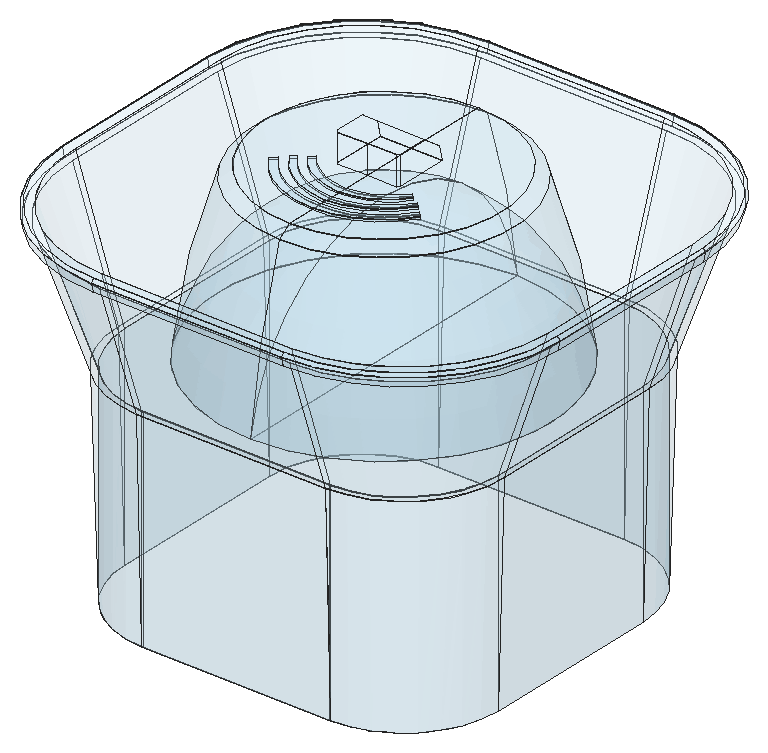
Revit family "Maxlogic siren,flaşör,flaşörlü siren (Düşük ıp)", category Fire Alarm Devices, host Face, Revit 2021
Family settings
  Host = Face
  Maintain Annotation Orientation = Yes
  Round Connector Dimension = Use Diameter
  Part Type = Normal
  OmniClass Number = 23.85.30.21
  OmniClass Title = Environmental Detection/Registration
  Cut with Voids When Loaded = No
  Shared = No
  Room Calculation Point = No
Parameters (values of type "Maxlogic Konvansiyonel Flaşörlü Elektronik Siren")
  Weight = "220 gr."
  Weatherproof surface mounting back box = ""
  Warranty Duration Unit = "Year"
  Warranty Duration Parts = "2"
  Warranty Duration Labor = "2"
  Version = ""
  URL = "https://www.mavili.com.tr/"
  Recessed mounting base = ""
  Public Works Pose Number = "833-592"
  Protection Sign = "IP21C"
  Product Code = "ML-2430"
  Phone Number = "(+)90 216 466 45 05"
  Operatonal Voltage (default) = "24 V/DC"
  Operating voltage range = "21-28 V/DC"
  Operating temperature = "(-10°C) - (+55°C)"
  Nominal Depth = "101,5 mm"
  Nominal Width = "122 mm"
  Nominal Height = "122 mm"
  Mounting surface = "Duvara montaj"
  Mounting height = "Zeminden 2,4 m yukarıda"
  Model = "MaxLogic"
  Manufacturer = "Mavili Elektronik Ticaret A.Ş."
  Installation Manual = "https://mavilielektronik.com/Revit/ML24XX_kk.pdf"
  Indicator output = ""
  Fax Number = "(+)90 216 466 45 10"
  Flaşör = yes
  External supply = ""
  Email = "mavili@mavili.com.tr"
  Disclaimer = ""
  Device Adress Setup = ""
  Description = "Konvansiyonel Flaşörlü Elektronik Siren"
  Default Elevation = 0 mm
  Current consumption = ""
  Cost unıt = ""
  Cost = 0
  Compatible sockets = ""
  Color = "Kırmızı"
  Code Performance = "EN 54-3 / EN 54-23"
  Main Material = "Red Plastic ABS"
  Secondary Material = "Plastic"
  Address line 1 = "Şerifali Mahallesi Kutup Sokak No:27/1-2-4 Ümraniye TR-34775 İSTANBUL"
Types (10, lengths in mm): name | Weight | Public Works Pose Number | Product Code | Operating voltage range | Nominal Depth | Installation Manual | Flaşör | Device Adress Setup | Description | Code Performance
  (no name) | "220 gr." | "833-592" | "ML-2430" | "21-28 V/DC" | "101,5 mm" | "https://mavilielektronik.com/Revit/ML24XX_kk.pdf" | yes | "" | "Konvansiyonel Flaşörlü Elektronik Siren" | "EN 54-3 / EN 54-23"
  Maxlogic Konvansiyonel Elektronik Siren | "195 gr." | "833-590" | "ML-2410" | "21-28 V/DC" | "90 mm" | "https://mavilielektronik.com/Revit/ML24XX_kk.pdf" | no | "" | "Konvansiyonel Elektronik Siren" | "EN 54-3"
  Maxlogic Konvansiyonel Flaşör | "205 gr." | "833-591" | "ML-2420" | "21-28 V/DC" | "101,5 mm" | "https://mavilielektronik.com/Revit/ML24XX_kk.pdf" | yes | "" | "Konvansiyonel Flaşör" | "EN 54-23"
  Maxlogic Konvansiyonel Flaşörlü Elektronik Siren | "220 gr." | "833-592" | "ML-2430" | "21-28 V/DC" | "101,5 mm" | "https://mavilielektronik.com/Revit/ML24XX_kk.pdf" | yes | "" | "Konvansiyonel Flaşörlü Elektronik Siren" | "EN 54-3 / EN 54-23"
  Maxlogic Adresli Elektronik Siren | "186 gr." | "" | "ML-1410" | "18-33 V/DC" | "90 mm" | "https://mavilielektronik.com/Revit/ML14XX_kk.pdf" | no | "El tipi adresleme cihazı" | "Adresli Elektronik Siren" | "EN 54-3"
  Maxlogic Adresli Elektronik Siren, Kısa Devre İzolatörlü | "186 gr." | "" | "ML-1410.SCI" | "18-33 V/DC" | "90 mm" | "https://mavilielektronik.com/Revit/ML14XX_kk.pdf" | no | "El tipi adresleme cihazı" | "Adresli Elektronik Siren kısa devre izolatörlü" | "EN 54-3"
  Maxlogic Adresli Flaşör | "201 gr." | "" | "ML-1420" | "18-33 V/DC" | "90 mm" | "https://mavilielektronik.com/Revit/ML14XX_kk.pdf" | yes | "El tipi adresleme cihazı" | "Adresli Flaşör" | "EN 54-23"
  Maxlogic Adresli Flaşör, Kısa Devre İzolatörlü | "201 gr." | "" | "ML-1420.SCI" | "18-33 V/DC" | "90 mm" | "https://mavilielektronik.com/Revit/ML14XX_kk.pdf" | yes | "El tipi adresleme cihazı" | "Adresli Flaşör kısa devre izolatörlü" | "EN 54-23"
  Maxlogic Adresli Flaşörlü Elektronik Siren | "217 gr." | "" | "ML-1430" | "18-33 V/DC" | "90 mm" | "https://mavilielektronik.com/Revit/ML14XX_kk.pdf" | yes | "El tipi adresleme cihazı" | "Adresli Flaşörlü Elektronik Siren" | "EN 54-3 / EN 54-23"
  Maxlogic Adresli Flaşörlü Elektronik Siren, Kısa Devre İzolatörlü | "217 gr." | "" | "ML-1430.SCI" | "18-33 V/DC" | "90 mm" | "https://mavilielektronik.com/Revit/ML14XX_kk.pdf" | yes | "El tipi adresleme cihazı" | "Adresli Flaşörlü Elektronik Siren kısa devre izolatörlü" | "EN 54-3 / EN 54-23"
Reference planes
  plane 1 "Center (Front/Back)": y = 0
  plane 2: z = 0
  plane 3 "Center (Left/Right)": x = 0
Forms (mm)
  Extrusion 1, solid, material "MAVİLİ ELEKTRONİK SİREN"
    sketch origin (0, 0, 0) x (1, 0, 0) y (0, 1, 0)
      loop
        line (-46.488, 83.967) -> (-46.488, 38.802)
        arc (-46.488, 38.802) -> (-39.64, 22.268) -> (-23.105, 15.42) r 23.383
        line (-23.105, 15.42) -> (23.105, 15.42)
        arc (23.105, 15.42) -> (39.64, 22.268) -> (46.488, 38.802) r 23.383
        line (46.488, 38.802) -> (46.488, 83.967)
        arc (46.488, 83.967) -> (39.64, 100.501) -> (23.105, 107.35) r 23.383
        line (23.105, 107.35) -> (-23.105, 107.35)
        arc (-23.105, 107.35) -> (-39.64, 100.501) -> (-46.488, 83.967) r 23.383
    from 0 to 52.7
  Sweep 2, solid, material "MAVİLİ ELEKTRONİK SİREN"
    path origin (0, 0, 52.7) x (1, 0, 0) y (0, 1, 0)
      loop
        arc (-46.488, 38.802) -> (-39.783, 22.413) -> (-23.513, 15.423) r 23.383
        line (-23.513, 15.423) -> (23.513, 15.423)
        arc (23.513, 15.423) -> (39.783, 22.413) -> (46.488, 38.802) r 23.383
        line (46.488, 38.802) -> (46.488, 83.967)
        arc (46.488, 83.967) -> (39.64, 100.501) -> (23.105, 107.35) r 23.383
        line (23.105, 107.35) -> (-23.105, 107.35)
        arc (-23.105, 107.35) -> (-39.64, 100.501) -> (-46.488, 83.967) r 23.383
        line (-46.488, 83.967) -> (-46.488, 38.802)
    profile origin (-39.783, 22.413, 52.7) x (0.713243, 0.700917, 0) y (0, 0, 1)
      loop
        line (0, 0) -> (-12.396, 36) -> (-14.67, 36)
        arc (-14.67, 36) -> (-15.2, 35.78) -> (-15.42, 35.25) r 0.75
        line (-15.42, 35.25) -> (-15.023, 33.004) -> (-13.012, 33.004) -> (-1.648, 0) -> (0, -52.7) -> (0, 0)
  Revolve 3, solid, material "MAVİLİ ELEKTRONİK SİREN"
    sketch origin (0, 0, 0) x (0, 1, 0) y (0, 0, 1)
      loop
        line (19.82, 52.7) -> (61.385, 52.7) -> (61.385, 88.7)
        arc (61.385, 88.7) -> (33.831, 78.518) -> (19.82, 52.7) r 41.712
      axis (61.385, 88.7) -> (61.385, 52.7)
    angle from 0 to 360
  Revolve 4, solid, material "MAVİLİ ELEKTRONİK SİREN", visible <- "Flaşör"
    sketch origin (0, 83.967, 0) x (0, -1, 0) y (0, 0, 1)
      loop
        arc (64.147, 52.7) -> (60.829, 73.228) -> (54.973, 93.182) r 166.15
        line (54.973, 93.182) -> (52.054, 95.631) -> (22.583, 95.631) -> (22.583, 52.7) -> (64.147, 52.7)
      axis (22.583, 95.631) -> (22.583, 52.7)
    angle from 0 to 360
  Extrusion 5, solid, material "Glass", visible <- "Flaşör"
    sketch origin (0, 61.385, 95.631) x (0, -1, 0) y (1, 0, 0)
      loop
        line (-8.595, 0) -> (-8.595, -7.768) -> (4.633, -7.768) -> (5.274, -7.249) -> (5.274, 0) -> (5.274, 7.249) -> (4.633, 7.768) -> (-8.595, 7.768) -> (-8.595, 0)
    from 0 to 7.175
  Extrusion 6, void
    sketch origin (48.136, 83.967, 0) x (0, -1, 0) y (0, 0, 1)
      loop
        line (19.563, 102.806) -> (13.987, 102.806) -> (13.987, 96.413) -> (13.987, 95.631) -> (15.016, 99.471) -> (19.563, 102.806)
    from 40.368 to 55.904
  Extrusion 7, solid, material "MAVİLİ ELEKTRONİK SİREN", visible <- "Flaşör"
    sketch origin (0, 61.385, 95.631) x (0, -1, 0) y (1, 0, 0)
      loop
        arc (12.426, 0) -> (10.61, -6.761) -> (6.021, -12.046) r 15.601
        line (6.021, -12.046) -> (7.275, -13.3)
        arc (7.275, -13.3) -> (12.461, -7.509) -> (14.473, 0) r 16.742
        arc (14.473, 0) -> (12.461, 7.509) -> (7.275, 13.3) r 16.742
        line (7.275, 13.3) -> (6.021, 12.046)
        arc (6.021, 12.046) -> (10.61, 6.761) -> (12.426, 0) r 15.601
      loop
        arc (16.808, 0) -> (14.416, -8.514) -> (8.239, -14.842) r 17.895
        line (8.239, -14.842) -> (9.426, -16.029)
        arc (9.426, -16.029) -> (16.095, -9.182) -> (18.748, 0) r 19.665
        arc (18.748, 0) -> (16.095, 9.182) -> (9.426, 16.029) r 19.665
        line (9.426, 16.029) -> (8.239, 14.842)
        arc (8.239, 14.842) -> (14.416, 8.514) -> (16.808, 0) r 17.895
      loop
        arc (20.301, 0) -> (17.952, -10.014) -> (10.871, -17.474) r 19.678
        line (10.871, -17.474) -> (12.257, -18.86)
        arc (12.257, -18.86) -> (19.94, -10.801) -> (22.643, 0) r 21.802
        arc (22.643, 0) -> (19.94, 10.801) -> (12.257, 18.86) r 21.802
        line (12.257, 18.86) -> (10.871, 17.474)
        arc (10.871, 17.474) -> (17.952, 10.014) -> (20.301, 0) r 19.678
    from 0 to 0.585
Cuts and joins
  Extrusion 6 cuts Extrusion 5
Dimensions and locks
  aligned and locked: plane 2 to host face
  aligned and locked: level to host face
